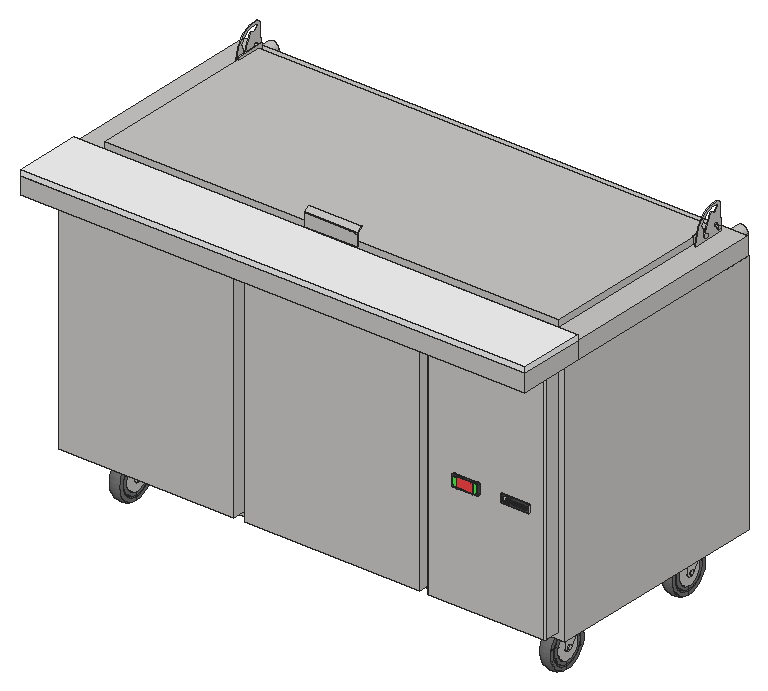
Revit family "QF_MACOM_RPTx-AITM", category Equipamento especial, Revit 2020 (continued)
Dimensions and locks
  aligned and locked: cut or joined group of Extrusion 5, Extrusion 6 to Extrusion 4
  aligned and locked: Revolve 8 sketch curve to Revolve 8 sketch curve
  aligned and locked: Revolve 9 sketch curve to Revolve 9 sketch curve
  aligned and locked: Revolve 9 to curve 647
  aligned and locked: Extrusion 11 sketch curve to Extrusion 7  (x2)
  aligned and locked: plane 21 to Extrusion 11 sketch curve
  aligned and locked: Extrusion 1 to Extrusion 11
  aligned and locked: Extrusion 11 to plane 3 "Centro (Esquerda/Direita)"
Automatic sketch dimensions
  Extrusion 2 sketch curve to Extrusion 2 sketch curve = 5 mm  (x2)
  curve 12 to Extrusion 2 = 28 mm
  curve 11 to curve 10 = 80 mm
  curve 10 to curve 8 = 15 mm
  curve 7 to curve 7 = 80 mm
  curve 6 to curve 4 = 15 mm
  Extrusion 2 to curve 2 = 30 mm
  Extrusion 2 to curve 1 = 47.9 mm
  Extrusion 2 to curve 10 = 47.9 mm
  curve 8 to curve 9 = 0 mm
  curve 5 to curve 7 = 5 mm
  curve 1 to curve 4 = 5 mm
  curve 9 to curve 10 = 5 mm
  curve 11 to curve 21 = 0 mm
  curve 10 to curve 23 = 0 mm
  curve 7 to curve 17 = 0 mm
  curve 6 to curve 17 = 0 mm
  curve 3 to curve 16 = 0 mm
  curve 2 to curve 14 = 0 mm
  curve 2 to curve 13 = 5 mm
  curve 11 to curve 24 = 5 mm
  curve 6 to curve 17 = 5 mm
  curve 17 to curve 19 = 5 mm
  curve 13 to curve 16 = 5 mm
  curve 21 to curve 22 = 5 mm
  curve 23 to curve 36 = 0 mm
  curve 22 to curve 33 = 0 mm
  curve 19 to curve 29 = 0 mm
  curve 18 to curve 30 = 0 mm
  curve 15 to curve 25 = 0 mm
  curve 14 to curve 27 = 0 mm
  curve 14 to curve 25 = 5 mm
  curve 22 to curve 34 = 5 mm
  curve 19 to curve 32 = 5 mm
  curve 29 to curve 31 = 5 mm
  curve 25 to curve 28 = 5 mm
  curve 33 to curve 34 = 5 mm
  curve 35 to curve 45 = 0 mm
  curve 34 to curve 47 = 0 mm
  curve 31 to curve 43 = 0 mm
  curve 30 to curve 42 = 0 mm
  curve 27 to curve 37 = 0 mm
  curve 26 to curve 39 = 0 mm
  curve 26 to curve 37 = 5 mm
  curve 35 to curve 48 = 5 mm
  curve 30 to curve 41 = 5 mm
  curve 41 to curve 43 = 5 mm
  curve 37 to curve 40 = 5 mm
  curve 45 to curve 46 = 5 mm
  curve 57 to Extrusion 2 = 28 mm
  curve 59 to curve 69 = 0 mm
  curve 71 to curve 81 = 0 mm  (x2)
  curve 83 to curve 93 = 0 mm  (x2)
  curve 95 to curve 95 = 80 mm
  curve 57 to curve 93 = 0 mm
  curve 70 to curve 68 = 15 mm
  curve 67 to curve 77 = 0 mm  (x2)
  curve 79 to curve 89 = 0 mm
  curve 56 to curve 65 = 0 mm
  curve 79 to curve 79 = 80 mm
  curve 53 to curve 77 = 0 mm
  curve 78 to curve 91 = 0 mm
  curve 66 to curve 64 = 15 mm
  curve 90 to curve 88 = 15 mm
  curve 52 to curve 61 = 0 mm
  curve 63 to curve 73 = 0 mm  (x2)
  Extrusion 2 to curve 75 = 30 mm
  curve 74 to curve 85 = 0 mm
  curve 51 to curve 61 = 0 mm
  curve 38 to curve 49 = 175 mm
  curve 47 to curve 60 = 175 mm
  curve 53 to curve 49 = 0 mm
  curve 53 to curve 55 = 5 mm
  curve 49 to curve 52 = 5 mm
  curve 57 to curve 58 = 5 mm
  curve 50 to curve 61 = 5 mm
  curve 59 to curve 72 = 5 mm
  curve 54 to curve 65 = 5 mm
  curve 65 to curve 67 = 5 mm
  curve 61 to curve 64 = 5 mm
  curve 69 to curve 70 = 5 mm
  curve 62 to curve 73 = 5 mm
  curve 71 to curve 84 = 5 mm
  curve 66 to curve 77 = 5 mm
  curve 77 to curve 79 = 5 mm
  curve 73 to curve 76 = 5 mm
  curve 81 to curve 82 = 5 mm
  curve 74 to curve 85 = 5 mm
  curve 83 to curve 96 = 5 mm
  curve 78 to curve 89 = 5 mm
  curve 89 to curve 91 = 5 mm
  curve 85 to curve 88 = 5 mm
  curve 93 to curve 94 = 5 mm
  curve 105 to Extrusion 2 = 28 mm
  curve 107 to curve 117 = 0 mm  (x2)
  curve 119 to curve 129 = 0 mm  (x2)
  curve 131 to curve 141 = 0 mm  (x2)
  curve 143 to curve 57 = 0 mm
  curve 140 to curve 53 = 0 mm
  curve 128 to curve 137 = 0 mm
  curve 116 to curve 125 = 0 mm
  curve 104 to curve 113 = 0 mm
  curve 139 to curve 53 = 0 mm
  curve 127 to curve 137 = 0 mm
  curve 115 to curve 125 = 0 mm
  curve 103 to curve 113 = 0 mm
  curve 101 to curve 97 = 15 mm
  curve 136 to curve 49 = 0 mm
  curve 99 to curve 109 = 0 mm  (x2)
  curve 124 to curve 133 = 0 mm
  curve 121 to curve 49 = 0 mm
  curve 111 to curve 121 = 0 mm
  curve 122 to curve 133 = 0 mm
  curve 97 to curve 49 = 40 mm
  curve 101 to curve 97 = 0 mm
  curve 105 to curve 101 = 0 mm
  curve 97 to curve 100 = 5 mm
  curve 101 to curve 103 = 5 mm
  curve 105 to curve 106 = 5 mm
  curve 107 to curve 117 = 5 mm
  curve 98 to curve 109 = 5 mm
  curve 103 to curve 116 = 5 mm
  curve 113 to curve 115 = 5 mm
  curve 109 to curve 110 = 5 mm
  curve 117 to curve 118 = 5 mm
  curve 115 to curve 128 = 5 mm
  curve 118 to curve 129 = 5 mm
  curve 111 to curve 121 = 5 mm
  curve 129 to curve 132 = 5 mm
  curve 121 to curve 122 = 5 mm
  curve 125 to curve 126 = 5 mm
  curve 122 to curve 133 = 5 mm
  curve 126 to curve 138 = 5 mm
  curve 130 to curve 142 = 5 mm
  curve 140 to curve 53 = 5 mm
  curve 142 to curve 57 = 5 mm
  curve 134 to curve 49 = 5 mm
  curve 153 to Extrusion 2 = 28 mm
  curve 155 to curve 165 = 0 mm  (x2)
  curve 167 to curve 177 = 0 mm  (x2)
  curve 179 to curve 189 = 0 mm  (x2)
  curve 191 to curve 105 = 0 mm
  curve 153 to curve 149 = 15 mm
  curve 151 to curve 161 = 0 mm  (x2)
  curve 163 to curve 173 = 0 mm
  curve 175 to curve 185 = 0 mm
  curve 162 to curve 101 = 0 mm
  curve 187 to curve 101 = 0 mm
  curve 162 to curve 173 = 0 mm
  curve 172 to curve 97 = 0 mm
  curve 171 to curve 181 = 0 mm
  curve 149 to curve 145 = 15 mm
  curve 147 to curve 157 = 0 mm  (x2)
  curve 159 to curve 97 = 0 mm
  curve 158 to curve 169 = 0 mm
  curve 170 to curve 181 = 0 mm
  curve 145 to curve 97 = 40 mm
  curve 154 to curve 105 = 40 mm
  curve 152 to curve 153 = 0 mm
  curve 149 to curve 151 = 5 mm
  curve 145 to curve 148 = 5 mm
  curve 153 to curve 154 = 5 mm
  curve 146 to curve 157 = 5 mm
  curve 154 to curve 166 = 5 mm
  curve 151 to curve 164 = 5 mm
  curve 161 to curve 163 = 5 mm
  curve 157 to curve 160 = 5 mm
  curve 165 to curve 166 = 5 mm
  curve 158 to curve 169 = 5 mm
  curve 166 to curve 178 = 5 mm
  curve 163 to curve 176 = 5 mm
  curve 173 to curve 175 = 5 mm
  curve 169 to curve 172 = 5 mm
  curve 177 to curve 178 = 5 mm
  curve 170 to curve 181 = 5 mm
  curve 178 to curve 190 = 5 mm
  curve 175 to curve 188 = 5 mm
  curve 187 to curve 101 = 5 mm
  curve 184 to curve 97 = 5 mm
  curve 190 to curve 105 = 5 mm
  curve 201 to Extrusion 2 = 28 mm
  curve 203 to curve 213 = 0 mm  (x2)
  curve 215 to curve 225 = 0 mm  (x2)
  curve 227 to curve 237 = 0 mm  (x2)
  curve 239 to curve 153 = 0 mm
  curve 201 to curve 197 = 15 mm
  curve 199 to curve 209 = 0 mm
  curve 211 to curve 221 = 0 mm
  curve 223 to curve 233 = 0 mm  (x2)
  curve 199 to curve 149 = 0 mm
  curve 235 to curve 149 = 0 mm
  curve 198 to curve 209 = 0 mm
  curve 221 to curve 220 = 15 mm
  curve 219 to curve 229 = 0 mm
  curve 208 to curve 217 = 0 mm
  curve 193 to curve 205 = 0 mm
  Extrusion 2 to curve 195 = 30 mm
  curve 194 to curve 205 = 0 mm
  curve 206 to curve 217 = 0 mm
  curve 218 to curve 229 = 0 mm
  curve 193 to curve 145 = 40 mm
  curve 202 to curve 153 = 40 mm
  curve 200 to curve 201 = 0 mm
  curve 197 to curve 199 = 5 mm
  curve 193 to curve 196 = 5 mm
  curve 201 to curve 202 = 5 mm
  curve 194 to curve 205 = 5 mm
  curve 202 to curve 214 = 5 mm
  curve 199 to curve 212 = 5 mm
  curve 209 to curve 211 = 5 mm
  curve 205 to curve 208 = 5 mm
  curve 213 to curve 214 = 5 mm
  curve 206 to curve 217 = 5 mm
  curve 214 to curve 226 = 5 mm
  curve 211 to curve 224 = 5 mm
  curve 221 to curve 223 = 5 mm
  curve 217 to curve 220 = 5 mm
  curve 225 to curve 226 = 5 mm
  curve 218 to curve 229 = 5 mm
  curve 226 to curve 238 = 5 mm
  curve 223 to curve 236 = 5 mm
  curve 235 to curve 149 = 5 mm
  curve 232 to curve 145 = 5 mm
  curve 238 to curve 153 = 5 mm
  curve 249 to curve 201 = 0 mm
  curve 251 to curve 261 = 0 mm  (x2)
  curve 263 to curve 201 = 0 mm
  curve 260 to curve 197 = 0 mm
  curve 248 to curve 257 = 0 mm
  curve 259 to curve 197 = 0 mm
  curve 247 to curve 257 = 0 mm
  curve 256 to curve 193 = 0 mm
  curve 244 to curve 253 = 0 mm
  curve 241 to curve 193 = 0 mm
  curve 242 to curve 253 = 0 mm
  curve 241 to curve 193 = 20 mm
  curve 245 to curve 241 = 0 mm
  curve 249 to curve 245 = 0 mm
  curve 249 to curve 252 = 5 mm
  curve 245 to curve 247 = 5 mm
  curve 241 to curve 242 = 5 mm
  curve 242 to curve 253 = 5 mm
  curve 250 to curve 262 = 5 mm
  curve 246 to curve 258 = 5 mm
  curve 260 to curve 197 = 5 mm
  curve 262 to curve 201 = 5 mm
  curve 254 to curve 193 = 5 mm
  curve 47 to curve 273 = 0 mm
  curve 275 to curve 285 = 0 mm  (x2)
  curve 287 to curve 249 = 0 mm
  curve 284 to curve 245 = 0 mm
  curve 272 to curve 281 = 0 mm
  curve 42 to curve 269 = 0 mm
  curve 270 to curve 281 = 0 mm
  curve 280 to curve 241 = 0 mm
  curve 268 to curve 277 = 0 mm
  curve 38 to curve 265 = 0 mm
  curve 266 to curve 277 = 0 mm
  curve 39 to curve 265 = 15 mm
  curve 269 to curve 265 = 0 mm
  curve 273 to curve 269 = 0 mm
  curve 273 to curve 276 = 5 mm
  curve 269 to curve 271 = 5 mm
  curve 265 to curve 266 = 5 mm
  curve 266 to curve 277 = 5 mm
  curve 274 to curve 286 = 5 mm
  curve 270 to curve 282 = 5 mm
  curve 284 to curve 245 = 5 mm
  curve 286 to curve 249 = 5 mm
  curve 278 to curve 241 = 5 mm
  curve 47 to curve 300 = 0 mm
  curve 46 to curve 297 = 0 mm
  curve 43 to curve 293 = 0 mm
  curve 295 to curve 269 = 0 mm
  curve 39 to curve 289 = 0 mm
  curve 38 to curve 289 = 0 mm
  curve 47 to curve 300 = 5 mm
  curve 39 to curve 289 = 5 mm
  curve 42 to curve 293 = 5 mm
  curve 294 to curve 269 = 5 mm
  curve 292 to curve 265 = 5 mm
  curve 298 to curve 273 = 5 mm
  curve 309 to Extrusion 2 = 28 mm
  curve 311 to curve 311 = 80 mm
  curve 309 to curve 305 = 15 mm
  curve 307 to curve 307 = 80 mm
  curve 305 to curve 301 = 15 mm
  Extrusion 2 to curve 301 = 30 mm
  Extrusion 2 to curve 301 = 59 mm
  Extrusion 2 to curve 310 = 59 mm
  curve 308 to curve 309 = 0 mm
  curve 305 to curve 307 = 5 mm
  curve 301 to curve 304 = 5 mm
  curve 309 to curve 310 = 5 mm
  curve 324 to curve 309 = 0 mm
  curve 321 to curve 309 = 0 mm
  curve 317 to curve 305 = 0 mm
  curve 319 to curve 305 = 0 mm
  curve 313 to curve 301 = 0 mm  (x2)
  curve 313 to curve 301 = 10 mm
  curve 324 to curve 309 = 10 mm
  curve 317 to curve 305 = 10 mm
  curve 319 to curve 305 = 5 mm
  curve 322 to curve 309 = 5 mm
  curve 316 to curve 301 = 5 mm
  curve 333 to curve 321 = 0 mm
  curve 335 to curve 321 = 0 mm
  curve 329 to curve 317 = 0 mm
  curve 331 to curve 317 = 0 mm
  curve 325 to curve 313 = 0 mm  (x2)
  curve 325 to curve 313 = 10 mm
  curve 336 to curve 321 = 10 mm
  curve 329 to curve 317 = 10 mm
  curve 331 to curve 317 = 5 mm
  curve 334 to curve 321 = 5 mm
  curve 328 to curve 313 = 5 mm
  curve 348 to curve 333 = 0 mm
  curve 345 to curve 333 = 0 mm
  curve 341 to curve 329 = 0 mm
  curve 343 to curve 329 = 0 mm
  curve 337 to curve 325 = 0 mm  (x2)
  curve 348 to curve 333 = 10 mm
  curve 337 to curve 325 = 10 mm
  curve 341 to curve 329 = 10 mm
  curve 342 to curve 329 = 5 mm
  curve 340 to curve 325 = 5 mm
  curve 346 to curve 333 = 5 mm
  curve 357 to curve 345 = 0 mm
  curve 359 to curve 345 = 0 mm
  curve 356 to curve 341 = 0 mm
  curve 353 to curve 341 = 0 mm
  curve 352 to curve 337 = 0 mm
  curve 349 to curve 337 = 0 mm
  curve 360 to curve 345 = 10 mm
  curve 349 to curve 337 = 10 mm
  curve 353 to curve 341 = 10 mm
  curve 354 to curve 341 = 5 mm
  curve 352 to curve 337 = 5 mm
  curve 358 to curve 345 = 5 mm
  curve 372 to curve 357 = 0 mm
  curve 369 to curve 357 = 0 mm
  curve 365 to curve 353 = 0 mm
  curve 367 to curve 353 = 0 mm
  curve 361 to curve 349 = 0 mm  (x2)
  curve 372 to curve 357 = 10 mm
  curve 361 to curve 349 = 10 mm
  curve 365 to curve 353 = 10 mm
  curve 366 to curve 353 = 5 mm
  curve 364 to curve 349 = 5 mm
  curve 370 to curve 357 = 5 mm
  curve 381 to curve 369 = 0 mm
  curve 383 to curve 369 = 0 mm
  curve 377 to curve 365 = 0 mm
  curve 379 to curve 365 = 0 mm
  curve 373 to curve 361 = 0 mm  (x2)
  curve 384 to curve 369 = 10 mm
  curve 373 to curve 361 = 10 mm
  curve 377 to curve 365 = 10 mm
  curve 379 to curve 365 = 5 mm
  curve 376 to curve 361 = 5 mm
  curve 382 to curve 369 = 5 mm
  curve 396 to curve 381 = 0 mm
  curve 393 to curve 381 = 0 mm
  curve 389 to curve 377 = 0 mm
  curve 391 to curve 377 = 0 mm
  curve 385 to curve 373 = 0 mm  (x2)
  curve 396 to curve 381 = 10 mm
  curve 385 to curve 373 = 10 mm
  curve 389 to curve 377 = 10 mm
  curve 390 to curve 377 = 5 mm
  curve 388 to curve 373 = 5 mm
  curve 394 to curve 381 = 5 mm
  curve 405 to curve 393 = 0 mm
  curve 407 to curve 393 = 0 mm
  curve 404 to curve 389 = 0 mm
  curve 403 to curve 389 = 0 mm
  curve 400 to curve 385 = 0 mm
  curve 397 to curve 385 = 0 mm
  curve 408 to curve 393 = 10 mm
  curve 397 to curve 385 = 10 mm
  curve 401 to curve 389 = 10 mm
  curve 402 to curve 389 = 5 mm
  curve 400 to curve 385 = 5 mm
  curve 406 to curve 393 = 5 mm
  curve 420 to curve 405 = 0 mm
  curve 417 to curve 405 = 0 mm
  curve 413 to curve 401 = 0 mm
  curve 415 to curve 401 = 0 mm
  curve 409 to curve 397 = 0 mm  (x2)
  curve 420 to curve 405 = 10 mm
  curve 409 to curve 397 = 10 mm
  curve 413 to curve 401 = 10 mm
  curve 414 to curve 401 = 5 mm
  curve 412 to curve 397 = 5 mm
  curve 418 to curve 405 = 5 mm
  curve 429 to curve 417 = 0 mm
  curve 431 to curve 417 = 0 mm
  curve 428 to curve 413 = 0 mm
  curve 427 to curve 413 = 0 mm
  curve 421 to curve 409 = 0 mm  (x2)
  curve 432 to curve 417 = 10 mm
  curve 421 to curve 409 = 10 mm
  curve 425 to curve 413 = 10 mm
  curve 426 to curve 413 = 5 mm
  curve 424 to curve 409 = 5 mm
  curve 430 to curve 417 = 5 mm
  curve 444 to curve 429 = 0 mm
  curve 441 to curve 429 = 0 mm
  curve 437 to curve 425 = 0 mm
  curve 439 to curve 425 = 0 mm
  curve 433 to curve 421 = 0 mm  (x2)
  curve 444 to curve 429 = 10 mm
  curve 433 to curve 421 = 10 mm
  curve 437 to curve 425 = 10 mm
  curve 438 to curve 425 = 5 mm
  curve 436 to curve 421 = 5 mm
  curve 442 to curve 429 = 5 mm
  curve 453 to curve 441 = 0 mm
  curve 455 to curve 441 = 0 mm
  curve 449 to curve 437 = 0 mm
  curve 451 to curve 437 = 0 mm
  curve 445 to curve 433 = 0 mm  (x2)
  curve 456 to curve 441 = 10 mm
  curve 445 to curve 433 = 10 mm
  curve 449 to curve 437 = 10 mm
  curve 451 to curve 437 = 5 mm
  curve 456 to curve 441 = 5 mm
  curve 448 to curve 433 = 5 mm
  curve 468 to curve 453 = 0 mm
  curve 465 to curve 453 = 0 mm
  curve 461 to curve 449 = 0 mm
  curve 463 to curve 449 = 0 mm
  curve 457 to curve 445 = 0 mm  (x2)
  curve 468 to curve 453 = 10 mm
  curve 457 to curve 445 = 10 mm
  curve 461 to curve 449 = 10 mm
  curve 462 to curve 449 = 5 mm
  curve 460 to curve 445 = 5 mm
  curve 466 to curve 453 = 5 mm
  curve 477 to curve 465 = 0 mm
  curve 479 to curve 465 = 0 mm
  curve 473 to curve 461 = 0 mm
  curve 475 to curve 461 = 0 mm
  curve 469 to curve 457 = 0 mm  (x2)
  curve 474 to curve 461 = 10 mm
  curve 480 to curve 465 = 10 mm
  curve 469 to curve 457 = 10 mm
  curve 475 to curve 461 = 5 mm
  curve 472 to curve 457 = 5 mm
  curve 478 to curve 465 = 5 mm
  curve 492 to curve 477 = 0 mm
  curve 489 to curve 477 = 0 mm
  curve 485 to curve 473 = 0 mm
  curve 487 to curve 473 = 0 mm
  curve 481 to curve 469 = 0 mm  (x2)
  curve 492 to curve 477 = 10 mm
  curve 481 to curve 469 = 10 mm
  curve 485 to curve 473 = 10 mm
  curve 486 to curve 473 = 5 mm
  curve 484 to curve 469 = 5 mm
  curve 490 to curve 477 = 5 mm
  curve 501 to curve 489 = 0 mm
  curve 503 to curve 489 = 0 mm
  curve 500 to curve 485 = 0 mm
  curve 497 to curve 485 = 0 mm
  curve 496 to curve 481 = 0 mm
  curve 493 to curve 481 = 0 mm
  curve 504 to curve 489 = 10 mm
  curve 493 to curve 481 = 10 mm
  curve 497 to curve 485 = 10 mm
  curve 499 to curve 485 = 5 mm
  curve 504 to curve 489 = 5 mm
  curve 496 to curve 481 = 5 mm
  curve 516 to curve 501 = 0 mm
  curve 513 to curve 501 = 0 mm
  curve 509 to curve 497 = 0 mm
  curve 511 to curve 497 = 0 mm
  curve 505 to curve 493 = 0 mm  (x2)
  curve 516 to curve 501 = 10 mm
  curve 505 to curve 493 = 10 mm
  curve 509 to curve 497 = 10 mm
  curve 510 to curve 497 = 5 mm
  curve 508 to curve 493 = 5 mm
  curve 514 to curve 501 = 5 mm
  curve 525 to curve 513 = 0 mm
  curve 527 to curve 513 = 0 mm
  curve 521 to curve 509 = 0 mm
  curve 523 to curve 509 = 0 mm
  curve 517 to curve 505 = 0 mm  (x2)
  curve 528 to curve 513 = 10 mm
  curve 517 to curve 505 = 10 mm
  curve 521 to curve 509 = 10 mm
  curve 522 to curve 509 = 5 mm
  curve 520 to curve 505 = 5 mm
  curve 526 to curve 513 = 5 mm
  curve 540 to curve 525 = 0 mm
  curve 537 to curve 525 = 0 mm
  curve 533 to curve 521 = 0 mm
  curve 535 to curve 521 = 0 mm
  curve 529 to curve 517 = 0 mm  (x2)
  curve 540 to curve 525 = 10 mm
  curve 529 to curve 517 = 10 mm
  curve 533 to curve 521 = 10 mm
  curve 535 to curve 521 = 5 mm
  curve 532 to curve 517 = 5 mm
  curve 538 to curve 525 = 5 mm
  curve 549 to curve 537 = 0 mm
  curve 551 to curve 537 = 0 mm
  curve 548 to curve 533 = 0 mm
  curve 547 to curve 533 = 0 mm
  curve 544 to curve 529 = 0 mm
  curve 541 to curve 529 = 0 mm
  curve 552 to curve 537 = 10 mm
  curve 541 to curve 529 = 10 mm
  curve 545 to curve 533 = 10 mm
  curve 546 to curve 533 = 5 mm
  curve 544 to curve 529 = 5 mm
  curve 550 to curve 537 = 5 mm
  Extrusion 2 sketch curve to Extrusion 2 sketch curve = 40 mm
  plane 17 to Extrusion 2 sketch curve = 0 mm
  plane 24 to Extrusion 4 sketch curve = 24 mm  (x3)
  Extrusion 4 sketch curve to Extrusion 4 sketch curve = 0 mm
  Extrusion 3 sketch curve to Extrusion 1 = 0 mm
  Extrusion 1 to Extrusion 3 sketch curve = 0 mm
  Extrusion 3 sketch curve to Extrusion 1 = 46 mm
  plane 27 to Extrusion 6 sketch curve = 0 mm
  plane 19 to Extrusion 6 sketch curve = 19.563 mm
  Extrusion 6 sketch curve to plane 30 = 233.584 mm
  Extrusion 4 sketch curve to Extrusion 4 sketch curve = 476.696 mm
  Extrusion 1 to Extrusion 7 sketch curve = 0 mm
  plane 1 "Centro (Frontal/Traseira)" to Revolve 8 sketch curve = 0 mm  (x2)
  plane 20 to Revolve 8 sketch curve = 0 mm  (x2)
  Revolve 8 sketch curve to Revolve 8 sketch curve = 8 mm
  plane 14 to Revolve 8 sketch curve = 2.363 mm
  Revolve 8 sketch curve to plane 20 = 1.5 mm
  plane 20 to Revolve 9 sketch curve = 0 mm  (x2)
  plane 1 "Centro (Frontal/Traseira)" to Revolve 9 sketch curve = 0 mm  (x2)
  Revolve 9 sketch curve to Revolve 9 sketch curve = 8 mm
  Revolve 9 sketch curve to plane 20 = 1.5 mm
  Revolve 9 sketch curve to Revolve 9 sketch curve = 9.037 mm
  plane 1 "Centro (Frontal/Traseira)" to curve 638 = 0 mm
  plane 20 to curve 643 = 0 mm
  plane 1 "Centro (Frontal/Traseira)" to curve 648 = 0 mm
  curve 636 to plane 12 = 0 mm
  plane 13 to curve 636 = 0 mm
  plane 27 to curve 633 = 0 mm
  plane 14 to curve 638 = 2.363 mm
  curve 622 to curve 612 = 4.884 mm
  curve 621 to curve 614 = 7.884 mm
  curve 642 to plane 20 = 1.5 mm
  curve 642 to curve 611 = 6.383 mm
  curve 611 to curve 611 = 3 mm
  curve 612 to curve 626 = 3 mm
  curve 638 to curve 639 = 34.074 mm
  curve 557 to curve 557 = 3 mm
  curve 558 to curve 571 = 3 mm
  curve 590 to curve 579 = 3 mm
  curve 580 to curve 591 = 3 mm
  curve 645 to curve 598 = 5.637 mm
  curve 609 to curve 598 = 3 mm
  curve 597 to curve 608 = 3 mm
  curve 648 to plane 12 = 32.963 mm
  curve 587 to plane 7 = 15.695 mm
  curve 623 to plane 7 = 15.733 mm
  curve 623 to curve 623 = 9.925 mm
  curve 587 to curve 586 = 10.001 mm
  curve 602 to curve 602 = 9.963 mm
  curve 569 to curve 568 = 10 mm
  curve 629 to curve 575 = 14.776 mm
  curve 594 to curve 606 = 4.563 mm
  curve 635 to curve 563 = 4.563 mm
  plane 19 to curve 585 = 14.967 mm
  plane 19 to curve 620 = 14.937 mm
  plane 19 to curve 619 = 7.033 mm
  plane 19 to curve 561 = 7.004 mm
  plane 19 to curve 604 = 7.004 mm
  plane 19 to curve 584 = 7.004 mm
  curve 637 to curve 643 = 9.037 mm
  curve 620 to curve 625 = 4.884 mm
  curve 625 to curve 627 = 3 mm
  curve 619 to curve 615 = 0 mm
  curve 627 to curve 621 = 4.117 mm
  curve 627 to curve 622 = 4.117 mm
  curve 626 to curve 624 = 4.117 mm
  curve 568 to curve 572 = 4.1 mm
  curve 572 to curve 574 = 3 mm
  curve 584 to curve 592 = 4.884 mm
  curve 592 to curve 589 = 3 mm
  curve 606 to curve 607 = 4.1 mm
  curve 607 to curve 610 = 3 mm
  curve 644 to curve 646 = 9.037 mm
  curve 647 to curve 649 = 9.037 mm
  curve 626 to curve 612 = 0.401 mm
  Extrusion 1 to Extrusion 7 sketch curve = 50 mm
  Extrusion 7 to Extrusion 11 sketch curve = 15 mm
  radius of Extrusion 10 sketch curve = 9.525 mm
Nested families
  nested 1: "RODIZIORPT" at (104, -139, 37.145), type "RODIZIO"
  nested 2: "RODIZIORPT" at (104, -574, 37.145), type "RODIZIO"
  nested 3: "RODIZIORPT" at (1333, -139, 37.145), type "RODIZIO"
  nested 4: "RODIZIORPT" at (1333, -574, 37.145), type "RODIZIO"
  nested 5: "LOGOTIPO MACOM" at (1334.5, -739.001, 482.038), visible <- "Show Logo", type "LOGOTIPO MACON", detail levels medium+fine
  nested 6: "CONTROLADOR_CAB" at (1194.5, -739.001, 495), type "CONTROLADOR_CAB", detail levels medium+fine
  nested 7: "Porta Refrigerador Prep Table" at (30.6, -694, 175.1), Show Clearances <- "Show Clearances", type "Porta Refrigerador Prep Table"
    with Weight 0.00 kg, Show Logo yes, Show Clearances Right no, Show Clearances Left yes, Show Clearances yes, SMACNA No "", Right no, Revision Code "", Point Load 0, NAFEM Spec ID Number "", Masterspec "", Length Actual 0 mm, Left yes, Item Number "", Identify Quantity as Lot yes, Height Actual 0 mm, Foodservice Equipment Identifier yes, Depth Actual 0 mm, CSI MasterFormat "", CE Approved yes, Accessory yes
  nested 8: "Porta Refrigerador Prep Table" at (559.6, -694, 175.1), Show Clearances <- "Show Clearances", visible <- "Door 3", type "Porta Refrigerador Prep Table"
    with Weight 0.00 kg, Show Logo yes, Show Clearances Right no, Show Clearances Left yes, Show Clearances yes, SMACNA No "", Right no, Revision Code "", Point Load 0, NAFEM Spec ID Number "", Masterspec "", Length Actual 0 mm, Left yes, Item Number "", Identify Quantity as Lot yes, Height Actual 0 mm, Foodservice Equipment Identifier yes, Depth Actual 0 mm, CSI MasterFormat "", CE Approved yes, Accessory yes
  nested 9: "Porta Refrigerador Prep Table" at (561.5, -694, 175.1), Show Clearances <- "Show Clearances", visible <- "Door 2", type "Porta Refrigerador Prep Table"
    with Weight 0.00 kg, Show Logo yes, Show Clearances Right yes, Show Clearances Left no, Show Clearances yes, SMACNA No "", Right yes, Revision Code "", Point Load 0, NAFEM Spec ID Number "", Masterspec "", Length Actual 0 mm, Left no, Item Number "", Identify Quantity as Lot yes, Height Actual 0 mm, Foodservice Equipment Identifier yes, Depth Actual 0 mm, CSI MasterFormat "", CE Approved yes, Accessory yes
  nested 10: "Dobradica Refrigerador Dir" at (1014.5, -64.787, 1), visible <- "Door 3", type "Dobradica Refrigerador Dir"
    with Weight 0.00 kg, Show Logo yes, Show Clearances yes, SMACNA No "", Revision Code "", Point Load 0, NAFEM Spec ID Number "", Masterspec "", Length Actual 0 mm, Item Number "", Identify Quantity as Lot yes, Height Actual 0 mm, Foodservice Equipment Identifier yes, Depth Actual 0 mm, CSI MasterFormat "", CE Approved yes, Accessory yes
  nested 11: "Dobradica Refrigerador Dir" at (1370.5, -64.787, 1), type "Dobradica Refrigerador Dir"
    with Weight 0.00 kg, Show Logo yes, Show Clearances yes, SMACNA No "", Revision Code "", Point Load 0, NAFEM Spec ID Number "", Masterspec "", Length Actual 0 mm, Item Number "", Identify Quantity as Lot yes, Height Actual 0 mm, Foodservice Equipment Identifier yes, Depth Actual 0 mm, CSI MasterFormat "", CE Approved yes, Accessory yes
  nested 12: "Dobradica Refrigerador Esq" at (599, -64.787, 1), visible <- "Door 3", type "Dobradica Refrigerador Esq"
    with Weight 0.00 kg, Show Logo yes, Show Clearances yes, SMACNA No "", Revision Code "", Point Load 0, NAFEM Spec ID Number "", Masterspec "", Length Actual 0 mm, Item Number "", Identify Quantity as Lot yes, Height Actual 0 mm, Foodservice Equipment Identifier yes, Depth Actual 0 mm, CSI MasterFormat "", CE Approved yes, Accessory yes
  nested 13: "Dobradica Refrigerador Esq" at (71, -64.787, 1), type "Dobradica Refrigerador Esq"
    with Weight 0.00 kg, Show Logo yes, Show Clearances yes, SMACNA No "", Revision Code "", Point Load 0, NAFEM Spec ID Number "", Masterspec "", Length Actual 0 mm, Item Number "", Identify Quantity as Lot yes, Height Actual 0 mm, Foodservice Equipment Identifier yes, Depth Actual 0 mm, CSI MasterFormat "", CE Approved yes, Accessory yes
  nested 14: "Pegador Refrigerador" at (982, -628.25, 912), visible <- "Door 3", type "Pegador Refrigerador"
    with Weight 0.00 kg, Show Logo yes, Show Clearances yes, SMACNA No "", Revision Code "", Point Load 0, NAFEM Spec ID Number "", Masterspec "", Length Actual 0 mm, Item Number "", Identify Quantity as Lot yes, Height Actual 0 mm, Foodservice Equipment Identifier yes, Depth Actual 0 mm, CSI MasterFormat "", CE Approved yes, Accessory yes
  nested 15: "Pegador Refrigerador" at (540, -628.25, 912), visible <- "Door 3", type "Pegador Refrigerador"
    with Weight 0.00 kg, Show Logo yes, Show Clearances yes, SMACNA No "", Revision Code "", Point Load 0, NAFEM Spec ID Number "", Masterspec "", Length Actual 0 mm, Item Number "", Identify Quantity as Lot yes, Height Actual 0 mm, Foodservice Equipment Identifier yes, Depth Actual 0 mm, CSI MasterFormat "", CE Approved yes, Accessory yes
  nested 16: "Pegador Refrigerador" at (719.5, -628.25, 912), visible <- "Handle Center", type "Pegador Refrigerador"
    with Weight 0.00 kg, Show Logo yes, Show Clearances yes, SMACNA No "", Revision Code "", Point Load 0, NAFEM Spec ID Number "", Masterspec "", Length Actual 0 mm, Item Number "", Identify Quantity as Lot yes, Height Actual 0 mm, Foodservice Equipment Identifier yes, Depth Actual 0 mm, CSI MasterFormat "", CE Approved yes, Accessory yes
Connectors
  electrical at (1111, -32.6, 460), driven by "Volts"
    settings: on Extrusion 10, index 1, voltage 220 V, apparent load 0 VA, apparent load phase1 0 VA, apparent load phase2 0 VA, apparent load phase3 0 VA, power factor 1, load classification "Outro", number of poles 1, system type 30, power factor state 1, is connector primary yes, connector utility no, sub classification motor no, connector description ""
Definition of nested family "RODIZIORPT"
  Parameters (values of type "RODIZIO")
    Default Elevation = 0 mm
  Types (2): name
    RODIZIO
    PÉ DE APOIO 150
  Reference planes
    plane 1 "Center (Front/Back)": y = 0
    plane 2: z = 0
    plane 3: x = 19.5
    plane 4: x = 1
    plane 5: x = 21
    plane 6: z = -37.145
    plane 7: z = 119.855
    plane 8: z = 59.855
    plane 9: z = 87.855
  Forms (mm)
    Revolve 1, solid
      sketch origin (0, 0, 0) x (1, 0, 0) y (0, 0, 1)
        loop
          line (16.5, 25.355) -> (16.5, 70.289) -> (15.5, 70.289) -> (15.5, 75.289) -> (16.5, 75.289) -> (16.5, 84.092)
          arc (16.5, 84.092) -> (0.897, 87.855) -> (-14.5, 83.325) r 31.054
          line (-14.5, 83.325) -> (-14.5, 75.289) -> (-13.5, 75.289) -> (-13.5, 70.289) -> (-14.5, 70.289) -> (-14.5, 25.355) -> (16.5, 25.355)
        axis (-14.5, 25.355) -> (16.5, 25.355)
      angle from 0 to 360
    Extrusion 2, solid
      sketch origin (0, 0, 25.355) x (0, 1, 0) y (0, 0, 1)
        loop
          circle (0, 0) r 10
      from 16.5 to 19.5
    Extrusion 3, solid
      sketch origin (2, 0, 25.355) x (0, 1, 0) y (0, 0, -1)
        loop
          circle (0, 0) r 10
      from 16.5 to 19.5
    Extrusion 4, solid
      sketch origin (0, 0, 51.455) x (0, 1, 0) y (0, 0, 1)
        loop
          arc (-10, -29.178) -> (-1.862, -36.717) -> (8.419, -32.55) r 10.341
          line (8.419, -32.55) -> (65, 46.773) -> (-10, 46.773) -> (-10, -29.178)
      from 19.5 to 21
    Extrusion 5, solid
      sketch origin (2, 0, 51.455) x (0, 1, 0) y (0, 0, -1)
        loop
          line (-10, 29.178) -> (-10, -46.773) -> (65, -46.773) -> (8.419, 32.55)
          arc (8.419, 32.55) -> (-1.862, 36.717) -> (-10, 29.178) r 10.341
      from 19.5 to 21
    Extrusion 6, solid
      sketch origin (0, -28, 50) x (1, 0, 0) y (0, 1, 0)
        loop
          circle (1, 46.186) r 75
      from 59.855 to 69.855
    Extrusion 7, solid
      sketch origin (0.148, 0, 25.355) x (0, 1, 0) y (0, 0, 1)
        loop
          line (-3, -5.196) -> (3, -5.196) -> (6, 0) -> (3, 5.196) -> (-3, 5.196) -> (-6, 0) -> (-3, -5.196)
      from 20.852 to 25.852
    Extrusion 8, solid
      sketch origin (1.852, 0, 25.355) x (0, 1, 0) y (0, 0, -1)
        loop
          line (-3, 5.196) -> (-6, 0) -> (-3, -5.196) -> (3, -5.196) -> (6, 0) -> (3, 5.196) -> (-3, 5.196)
      from 20.852 to 25.852
    Extrusion 9, solid
      sketch origin (0, 0, 50) x (1, 0, 0) y (0, 1, 0)
        loop
          circle (1, 18.186) r 55
      from 48.227 to 59.855
    Extrusion 10, solid
      sketch origin (0, 0, 25.355) x (0, 1, 0) y (0, 0, 1)
        loop
          circle (0, 0) r 35
      from 16.5 to 17.626
    Extrusion 11, solid
      sketch origin (2, 0, 25.355) x (0, 1, 0) y (0, 0, -1)
        loop
          circle (0, 0) r 35
      from 16.5 to 17.626
  Cuts and joins
    joined: Extrusion 2, Extrusion 3, Extrusion 4, Extrusion 5, Extrusion 6, Extrusion 7, Extrusion 8, Extrusion 9, Extrusion 10, Extrusion 11
  Dimensions and locks
    plane 7 to plane 6 = 157 mm
    Revolve 1 sketch curve to plane 6 = 62.5 mm
    plane 9 to plane 6 = 125 mm
    aligned and locked: level to plane 2
    aligned and locked: Revolve 1 sketch curve to Revolve 1 sketch curve
    aligned and locked: plane 7 to Extrusion 6
Definition of nested family "LOGOTIPO MACOM"
  Parameters (values of type "LOGOTIPO MACOM")
    Default Elevation = 0 mm
  Reference planes
    plane 1 "Centro (Frente/Trás)": y = 0
    plane 2: z = 0
    plane 3 "Centro (Esquerda/Direita)": x = 0
    plane 4: z = 9.186
    plane 5: z = 16.297
    plane 6: z = 12.742
    plane 7: x = -24.005
  Forms (mm)
    Extrusion 1, solid
      sketch origin (0, 4.488, 0.011) x (1, 0, 0) y (0, 0.000061, 1)
        loop
          arc (-37.5, 25.9) -> (-39.268, 25.168) -> (-40, 23.4) r 2.5
          line (-40, 23.4) -> (-40, 2.5)
          arc (-40, 2.5) -> (-39.268, 0.732) -> (-37.5, 0) r 2.5
          line (-37.5, 0) -> (37.5, 0)
          arc (37.5, 0) -> (39.268, 0.732) -> (40, 2.5) r 2.5
          line (40, 2.5) -> (40, 23.4)
          arc (40, 23.4) -> (39.268, 25.168) -> (37.5, 25.9) r 2.5
          line (37.5, 25.9) -> (-37.5, 25.9)
      from 5.474 to 4.489
    Extrusion 2, solid
      sketch origin (0, 4.488, 0.011) x (1, 0, 0) y (0, 0.000061, 1)
        loop
          arc (-39, 3.5) -> (-38.268, 1.732) -> (-36.5, 1) r 2.5
          line (-36.5, 1) -> (36.5, 1)
          arc (36.5, 1) -> (38.268, 1.732) -> (39, 3.5) r 2.5
          line (39, 3.5) -> (39, 22.668)
          arc (39, 22.668) -> (38.268, 24.436) -> (36.5, 25.168) r 2.5
          line (36.5, 25.168) -> (-36.5, 25.168)
          arc (-36.5, 25.168) -> (-38.268, 24.436) -> (-39, 22.668) r 2.5
          line (-39, 22.668) -> (-39, 3.5)
      from 5.474 to 6.289
    Extrusion 3, solid
      sketch origin (24.652, 4.488, 0.011) x (-1, 0, 0) y (0, -0.000061, -1)
        loop
          line (32.653, -17.092) -> (32.653, -8.35) -> (30.809, -8.35) -> (30.809, -14.038)
          arc (30.809, -14.038) -> (30.194, -14.653) -> (29.579, -14.038) r 0.615
          line (29.579, -14.038) -> (29.579, -8.35) -> (27.735, -8.35) -> (27.735, -14.038)
          arc (27.735, -14.038) -> (27.12, -14.653) -> (26.506, -14.038) r 0.615
          line (26.506, -14.038) -> (26.506, -8.35) -> (24.661, -8.35) -> (24.661, -15.193)
          arc (24.661, -15.193) -> (25.218, -16.536) -> (26.561, -17.092) r 1.899
          line (26.561, -17.092) -> (32.653, -17.092)
        loop
          line (23.432, -8.347) -> (21.476, -8.347) -> (21.476, -10.838) -> (19.632, -10.838) -> (19.632, -8.347) -> (17.9, -8.347) -> (17.9, -15.248)
          arc (17.9, -15.248) -> (18.44, -16.552) -> (19.744, -17.092) r 1.844
          line (19.744, -17.092) -> (23.432, -17.092) -> (23.432, -8.347)
        loop
          line (19.744, -12.773) -> (19.744, -14.314)
          arc (19.744, -14.314) -> (19.926, -14.753) -> (20.365, -14.935) r 0.621
          line (20.365, -14.935) -> (21.588, -14.935) -> (21.588, -12.773) -> (19.744, -12.773)
        loop
          line (-1.629, -17.092) -> (-1.629, -8.35) -> (-3.474, -8.35) -> (-3.474, -14.038)
          arc (-3.474, -14.038) -> (-4.088, -14.653) -> (-4.703, -14.038) r 0.615
          line (-4.703, -14.038) -> (-4.703, -8.35) -> (-6.547, -8.35) -> (-6.547, -14.038)
          arc (-6.547, -14.038) -> (-7.162, -14.653) -> (-7.777, -14.038) r 0.615
          line (-7.777, -14.038) -> (-7.777, -8.35) -> (-9.621, -8.35) -> (-9.621, -15.193)
          arc (-9.621, -15.193) -> (-9.064, -16.536) -> (-7.721, -17.092) r 1.899
          line (-7.721, -17.092) -> (-1.629, -17.092)
        loop
          line (9.587, -17.092) -> (12.299, -17.092)
          arc (12.299, -17.092) -> (16.67, -12.721) -> (12.299, -8.35) r 4.371
          line (12.299, -8.35) -> (9.754, -8.35) -> (9.754, -10.194) -> (12.276, -10.194)
          arc (12.276, -10.194) -> (14.804, -12.721) -> (12.276, -15.248) r 2.527
          line (12.276, -15.248) -> (9.587, -15.248) -> (9.587, -17.092)
        loop
          line (56.832, -8.05) -> (55.056, -18.123)
          spline (55.056, -18.123) -> (56.262, -17.518) -> (57.317, -16.815) -> (58.199, -16.029) -> (58.892, -15.175) -> (59.381, -14.269) -> (59.658, -13.331) -> (59.715, -12.378) -> (59.552, -11.43) -> (59.173, -10.505) -> (58.585, -9.622) -> (57.799, -8.798) -> (56.832, -8.05)
        loop
          spline (53.362, -6.487) -> (53.217, -6.446) -> (53.071, -6.406) -> (52.923, -6.368) -> (52.775, -6.331) -> (52.626, -6.295) -> (52.476, -6.26) -> (52.326, -6.227) -> (52.174, -6.195) -> (52.022, -6.165) -> (51.869, -6.136) -> (51.715, -6.108) -> (51.561, -6.082)
          line (51.561, -6.082) -> (49.643, -16.962)
          arc (49.643, -16.962) -> (50.579, -17.898) -> (51.515, -16.962) r 0.936
          line (51.515, -16.962) -> (53.362, -6.487)
        loop
          spline (48.156, -5.852) -> (48, -5.857) -> (47.843, -5.863) -> (47.687, -5.871) -> (47.531, -5.88) -> (47.375, -5.89) -> (47.22, -5.902) -> (47.065, -5.915) -> (46.91, -5.929) -> (46.755, -5.945) -> (46.601, -5.962) -> (46.447, -5.981) -> (46.294, -6.001)
          line (46.294, -6.001) -> (44.358, -16.978)
          arc (44.358, -16.978) -> (45.276, -17.896) -> (46.195, -16.978) r 0.918
          line (46.195, -16.978) -> (48.156, -5.852)
        loop
          spline (42.364, -7.044) -> (41.131, -7.649) -> (40.051, -8.356) -> (39.147, -9.149) -> (38.437, -10.014) -> (37.937, -10.931) -> (37.655, -11.882) -> (37.599, -12.848) -> (37.768, -13.809) -> (38.16, -14.746) -> (38.767, -15.639) -> (39.575, -16.47) -> (40.57, -17.222)
          line (40.57, -17.222) -> (42.364, -7.044)
        loop
          spline (61.565, -12.773) -> (61.125, -10.691) -> (59.836, -8.75) -> (57.784, -7.084) -> (55.111, -5.806) -> (51.997, -5.002) -> (48.656, -4.728) -> (45.315, -5.002) -> (42.202, -5.806) -> (39.528, -7.084) -> (37.477, -8.75) -> (36.187, -10.691) -> (35.747, -12.773)
          spline (35.747, -12.773) -> (36.187, -14.855) -> (37.477, -16.795) -> (39.528, -18.461) -> (42.202, -19.74) -> (45.315, -20.544) -> (48.656, -20.818) -> (51.997, -20.544) -> (55.111, -19.74) -> (57.784, -18.461) -> (59.836, -16.795) -> (61.125, -14.855) -> (61.565, -12.773)
        loop
          circle (3.963, -12.726) r 4.377
        loop
          circle (3.963, -12.726) r 2.582
      from 6.289 to 6.977
  Dimensions and locks
    equal spacing: plane 5, plane 6, plane 4
    aligned and locked: level to plane 2
Definition of nested family "CONTROLADOR_CAB"
  Parameters (values of type "CONTROLADOR_CAB")
    Default Elevation = 0 mm
  Reference planes
    plane 1 "Center (Front/Back)": y = 0
    plane 2: z = 0
    plane 3 "Center (Left/Right)": x = 0
  Forms (mm)
    Extrusion 1, solid
      sketch origin (0, 0, 0) x (1, 0, 0) y (0, 0, 1)
        loop
          line (37.5, -12.5) -> (37.5, 12.5)
          arc (37.5, 12.5) -> (36.328, 15.328) -> (33.5, 16.5) r 4
          line (33.5, 16.5) -> (-33.5, 16.5)
          arc (-33.5, 16.5) -> (-36.328, 15.328) -> (-37.5, 12.5) r 4
          line (-37.5, 12.5) -> (-37.5, -12.5)
          arc (-37.5, -12.5) -> (-36.328, -15.328) -> (-33.5, -16.5) r 4
          line (-33.5, -16.5) -> (33.5, -16.5)
          arc (33.5, -16.5) -> (36.328, -15.328) -> (37.5, -12.5) r 4
      from 0 to 5
    Extrusion 2, solid
      sketch origin (0, 0, 0) x (1, 0, 0) y (0, 0, 1)
        loop
          line (24, -13.5) -> (24, 13.5)
          arc (24, 13.5) -> (23.121, 15.621) -> (21, 16.5) r 3
          line (21, 16.5) -> (-21, 16.5)
          arc (-21, 16.5) -> (-23.121, 15.621) -> (-24, 13.5) r 3
          line (-24, 13.5) -> (-24, -13.5)
          arc (-24, -13.5) -> (-23.121, -15.621) -> (-21, -16.5) r 3
          line (-21, -16.5) -> (21, -16.5)
          arc (21, -16.5) -> (23.121, -15.621) -> (24, -13.5) r 3
      from 5 to 5.937
    Extrusion 3, solid
      sketch origin (0, 0, 0) x (1, 0, 0) y (0, 0, 1)
        loop
          line (-23, 13) -> (-23, -13) -> (23, -13) -> (23, 13) -> (-23, 13)
      from 5.937 to 6.875
    Extrusion 4, solid
      sketch origin (0, 0, 0) x (1, 0, 0) y (0, 0, 1)
        loop
          line (24, -13) -> (31, -13)
          arc (31, -13) -> (34.646, 0) -> (31, 13) r 25
          line (31, 13) -> (24, 13) -> (24, -13)
        loop
          line (-24, -13) -> (-24, 13) -> (-31, 13)
          arc (-31, 13) -> (-34.646, 0) -> (-31, -13) r 25
          line (-31, -13) -> (-24, -13)
      from 5 to 5.937
  Cuts and joins
    joined: Extrusion 1, Extrusion 2
  Dimensions and locks
    aligned and locked: level to plane 2
Definition of nested family "Porta Refrigerador Prep Table"
  Parameters (values of type "Porta Refrigerador Prep Table")
    Weight [instance] = 0.00 kg
    Show Clearances Right [instance] = and(Right, Show Clearances)  # no
    Show Clearances Left [instance] = and(Left, Show Clearances)  # yes
    Right [instance] = not(Left)  # no
    Left [instance] = yes
    Default Elevation = 0 mm
    Type Comments = ""
    Show Logo [instance] = yes
    Show Clearances [instance] = yes
    SMACNA No [instance] = ""
    Revision Code [instance] = ""
    Point Load [instance] = 0
    NAFEM Spec ID Number [instance] = ""
    Masterspec [instance] = ""
    Length Actual [instance] = 0 mm
    Item Number [instance] = ""
    Identify Quantity as Lot [instance] = yes
    Height Actual [instance] = 0 mm
    Foodservice Equipment Identifier [instance] = yes
    Depth Actual [instance] = 0 mm
    CSI MasterFormat [instance] = ""
    CE Approved [instance] = yes
    Accessory [instance] = yes
  Reference planes
    plane 1 "Centro (Frontal/Traseira)": y = 0
    plane 2: z = 0
    plane 3 "Centro (Esquerda/Direita)": x = 0
  Forms (mm)
    Extrusion 1, solid
      sketch origin (-1089.5, 0, 1828.366) x (0, 0, -1) y (1, 0, 0)
        loop
          line (1156.466, 1089.5) -> (1828.366, 1089.5) -> (1828.366, 1589.5) -> (1156.466, 1589.5) -> (1156.466, 1089.5)
      from 0 to 45
    Extrusion 2, solid, visible <- "Left", detail levels coarse
      sketch origin (0, 0, 0) x (1, 0, 0) y (0, 1, 0)
        loop
          line (500, 0) -> (0, 0) -> (0, -500)
          arc (0, -500) -> (353.553, -353.553) -> (500, 0) r 500
      from 0 to 671.9
    Extrusion 3, solid, visible <- "Right", detail levels coarse
      sketch origin (500, 0, 0) x (0, 1, 0) y (-1, 0, 0)
        loop
          arc (0, 500) -> (-353.553, 353.553) -> (-500, 0) r 500
          line (-500, 0) -> (0, 0) -> (0, 500)
      from 0 to 671.9
  Dimensions and locks
    locked: Extrusion 1 sketch curve to Extrusion 1 sketch curve at 500
    aligned and locked: level to plane 2
    aligned and locked: Extrusion 2 to Extrusion 1
Definition of nested family "Dobradica Refrigerador Dir"
  Parameters (values of type "Dobradica Refrigerador Dir")
    Weight [instance] = 0.00 kg
    Default Elevation = 0 mm
    Type Comments = ""
    Show Logo [instance] = yes
    Show Clearances [instance] = yes
    SMACNA No [instance] = ""
    Revision Code [instance] = ""
    Point Load [instance] = 0
    NAFEM Spec ID Number [instance] = ""
    Masterspec [instance] = ""
    Length Actual [instance] = 0 mm
    Item Number [instance] = ""
    Identify Quantity as Lot [instance] = yes
    Height Actual [instance] = 0 mm
    Foodservice Equipment Identifier [instance] = yes
    Depth Actual [instance] = 0 mm
    CSI MasterFormat [instance] = ""
    CE Approved [instance] = yes
    Accessory [instance] = yes
  Reference planes
    plane 1 "Centro (Frontal/Traseira)": y = 0
    plane 2: z = 0
    plane 3 "Centro (Esquerda/Direita)": x = 0
    plane 4: z = 989
  Forms (mm)
    Extrusion 1, solid
      sketch origin (-55.4, -2517.764, -689.903) x (0, -0.992546, 0.121869) y (0, 0.121869, 0.992546)
        loop
          line (-2309.135, 1892.422) -> (-2219.807, 1881.454) -> (-2227.404, 1924.536)
          arc (-2227.404, 1924.536) -> (-2243.197, 1954.874) -> (-2273.534, 1970.667) r 56.87
          line (-2273.534, 1970.667) -> (-2285.027, 1972.078)
          arc (-2285.027, 1972.078) -> (-2292.17, 1970.209) -> (-2296.084, 1963.947) r 10
          line (-2296.084, 1963.947) -> (-2309.135, 1892.422)
        loop
          arc (-2234.481, 1930.609) -> (-2255.704, 1957.516) -> (-2288.943, 1965.862) r 53.115
          arc (-2288.943, 1965.862) -> (-2290.836, 1962.388) -> (-2290.245, 1958.476) r 6.205
          arc (-2290.245, 1958.476) -> (-2285.618, 1952.51) -> (-2282.521, 1945.624) r 31.92
          arc (-2282.521, 1945.624) -> (-2279.189, 1944.723) -> (-2276.365, 1946.708) r 4.067
          arc (-2276.365, 1946.708) -> (-2271.729, 1949.395) -> (-2267.094, 1946.708) r 5.341
          arc (-2267.094, 1946.708) -> (-2258.005, 1924.531) -> (-2254.967, 1900.758) r 91.792
          arc (-2254.967, 1900.758) -> (-2249.344, 1895.128) -> (-2243.717, 1900.753) r 5.625
          arc (-2243.717, 1900.753) -> (-2241.625, 1913.253) -> (-2235.578, 1924.391) r 38.394
          arc (-2235.578, 1924.391) -> (-2234.254, 1927.363) -> (-2234.481, 1930.609) r 6.724
        loop
          arc (-2279.85, 1914.909) -> (-2283.53, 1918.35) -> (-2287.94, 1920.787) r 20.439
          arc (-2287.94, 1920.787) -> (-2290.338, 1921.057) -> (-2292.535, 1920.059) r 4.537
          line (-2292.535, 1920.059) -> (-2300.024, 1908.527)
          arc (-2300.024, 1908.527) -> (-2298.737, 1902.475) -> (-2292.685, 1903.762) r 4.375
          line (-2292.685, 1903.762) -> (-2288.169, 1908.278)
          arc (-2288.169, 1908.278) -> (-2286.882, 1908.508) -> (-2285.59, 1908.305) r 3.96
          arc (-2285.59, 1908.305) -> (-2280.518, 1909.693) -> (-2279.85, 1914.909) r 4.739
      from -62.5 to -59.5
    Extrusion 2, solid
      sketch origin (0, -68.543, -160.77) x (0, -0.992546, 0.121869) y (0, 0.121869, 0.992546)
        loop
          line (64.928, 1091.221) -> (62.49, 1071.37) -> (144.337, 1061.321) -> (146.774, 1081.172) -> (64.928, 1091.221)
      from 0 to 2.5
    Extrusion 3, solid
      sketch origin (12.002, -68.543, -160.77) x (0, -0.992546, 0.121869) y (0, 0.121869, 0.992546)
        loop
          circle (70.098, 1082.471) r 3.982
        loop
          circle (117.111, 1077.079) r 5
      from 0 to 12.002
  Dimensions and locks
    Extrusion 2 to Extrusion 1 = 9.6 mm
    Extrusion 1 sketch curve to plane 4 = 82 mm
    aligned and locked: level to plane 2
Definition of nested family "Dobradica Refrigerador Esq"
  Parameters (values of type "Dobradica Refrigerador Esq")
    Weight [instance] = 0.00 kg
    Default Elevation = 0 mm
    Type Comments = ""
    Show Logo [instance] = yes
    Show Clearances [instance] = yes
    SMACNA No [instance] = ""
    Revision Code [instance] = ""
    Point Load [instance] = 0
    NAFEM Spec ID Number [instance] = ""
    Masterspec [instance] = ""
    Length Actual [instance] = 0 mm
    Item Number [instance] = ""
    Identify Quantity as Lot [instance] = yes
    Height Actual [instance] = 0 mm
    Foodservice Equipment Identifier [instance] = yes
    Depth Actual [instance] = 0 mm
    CSI MasterFormat [instance] = ""
    CE Approved [instance] = yes
    Accessory [instance] = yes
  Reference planes
    plane 1 "Centro (Frontal/Traseira)": y = 0
    plane 2: z = 0
    plane 3 "Centro (Esquerda/Direita)": x = 0
    plane 4: z = 989
  Forms (mm)
    Extrusion 1, solid
      sketch origin (-69.117, -2517.764, -689.903) x (0, -0.992546, 0.121869) y (0, 0.121869, 0.992546)
        loop
          line (-2309.135, 1892.422) -> (-2219.807, 1881.454) -> (-2227.215, 1923.466)
          arc (-2227.215, 1923.466) -> (-2243.417, 1954.588) -> (-2274.539, 1970.79) r 58.342
          line (-2274.539, 1970.79) -> (-2285.027, 1972.078)
          arc (-2285.027, 1972.078) -> (-2292.17, 1970.209) -> (-2296.084, 1963.947) r 10
          line (-2296.084, 1963.947) -> (-2309.135, 1892.422)
        loop
          arc (-2234.481, 1930.609) -> (-2255.704, 1957.516) -> (-2288.943, 1965.862) r 53.115
          arc (-2288.943, 1965.862) -> (-2290.836, 1962.388) -> (-2290.245, 1958.476) r 6.205
          arc (-2290.245, 1958.476) -> (-2285.618, 1952.51) -> (-2282.521, 1945.624) r 31.92
          arc (-2282.521, 1945.624) -> (-2279.189, 1944.723) -> (-2276.365, 1946.708) r 4.067
          arc (-2276.365, 1946.708) -> (-2271.729, 1949.395) -> (-2267.094, 1946.708) r 5.341
          arc (-2267.094, 1946.708) -> (-2258.005, 1924.531) -> (-2254.967, 1900.758) r 91.792
          arc (-2254.967, 1900.758) -> (-2249.344, 1895.128) -> (-2243.717, 1900.753) r 5.625
          arc (-2243.717, 1900.753) -> (-2241.625, 1913.253) -> (-2235.578, 1924.391) r 38.394
          arc (-2235.578, 1924.391) -> (-2234.254, 1927.363) -> (-2234.481, 1930.609) r 6.724
        loop
          arc (-2279.85, 1914.909) -> (-2283.53, 1918.35) -> (-2287.94, 1920.787) r 20.439
          arc (-2287.94, 1920.787) -> (-2290.338, 1921.057) -> (-2292.535, 1920.059) r 4.537
          line (-2292.535, 1920.059) -> (-2300.024, 1908.527)
          arc (-2300.024, 1908.527) -> (-2298.737, 1902.475) -> (-2292.685, 1903.762) r 4.375
          line (-2292.685, 1903.762) -> (-2288.169, 1908.278)
          arc (-2288.169, 1908.278) -> (-2286.882, 1908.508) -> (-2285.59, 1908.305) r 3.96
          arc (-2285.59, 1908.305) -> (-2280.518, 1909.693) -> (-2279.85, 1914.909) r 4.739
      from -62.5 to -59.5
    Extrusion 2, solid
      sketch origin (0, -68.543, -160.77) x (0, -0.992546, 0.121869) y (0, 0.121869, 0.992546)
        loop
          line (64.928, 1091.221) -> (62.49, 1071.37) -> (144.337, 1061.321) -> (146.774, 1081.172) -> (64.928, 1091.221)
      from 0 to 2.5
    Extrusion 3, solid
      sketch origin (-2.5, -68.543, -160.77) x (0, -0.992546, 0.121869) y (0, 0.121869, 0.992546)
        loop
          circle (70.098, 1082.471) r 3.982
        loop
          circle (117.111, 1077.079) r 5
      from 0 to 12.002
  Dimensions and locks
    aligned and locked: level to plane 2
Definition of nested family "Pegador Refrigerador"
  Parameters (values of type "Pegador Refrigerador")
    Weight [instance] = 0.00 kg
    Default Elevation = 0 mm
    Type Comments = ""
    Show Logo [instance] = yes
    Show Clearances [instance] = yes
    SMACNA No [instance] = ""
    Revision Code [instance] = ""
    Point Load [instance] = 0
    NAFEM Spec ID Number [instance] = ""
    Masterspec [instance] = ""
    Length Actual [instance] = 0 mm
    Item Number [instance] = ""
    Identify Quantity as Lot [instance] = yes
    Height Actual [instance] = 0 mm
    Foodservice Equipment Identifier [instance] = yes
    Depth Actual [instance] = 0 mm
    CSI MasterFormat [instance] = ""
    CE Approved [instance] = yes
    Accessory [instance] = yes
  Reference planes
    plane 1 "Centro (Frontal/Traseira)": y = 0
    plane 2: z = 0
    plane 3 "Centro (Esquerda/Direita)": x = 0
  Forms (mm)
    Extrusion 1, solid
      sketch origin (-792.046, 344.923, -1067.77) x (0, -0.992546, 0.121869) y (0, 0.121869, 0.992546)
        loop
          line (471.239, 1017.928) -> (472.48, 1017.775) -> (476.613, 1051.435)
          arc (476.613, 1051.435) -> (476.507, 1052.442) -> (475.971, 1053.3) r 2.25
          line (475.971, 1053.3) -> (469.457, 1059.814) -> (468.573, 1058.93) -> (475.087, 1052.416)
          arc (475.087, 1052.416) -> (475.325, 1052.035) -> (475.372, 1051.587) r 1
          line (475.372, 1051.587) -> (471.239, 1017.928)
      from -717.046 to -867.046
    Extrusion 2, solid
      sketch origin (-719.5, 18.772, 49.676) x (0, 0.788011, 0.615661) y (-1, 0, 0)
        loop
          line (-13.512, -644.5) -> (-13.512, -794.5) -> (-6.312, -794.5)
          arc (-6.312, -794.5) -> (-4.544, -793.768) -> (-3.812, -792) r 2.5
          line (-3.812, -792) -> (-3.812, -647)
          arc (-3.812, -647) -> (-4.544, -645.232) -> (-6.312, -644.5) r 2.5
          line (-6.312, -644.5) -> (-13.512, -644.5)
      from 0 to -1.25
  Cuts and joins
    joined: Extrusion 1, Extrusion 2
  Dimensions and locks
    aligned and locked: level to plane 2
Types (4, lengths in mm): name | Watts | Volume | Separate Door Location | Number of Doors | Door 1 | Defrost Power | Center Handle | Modelo | Handle Center | GN's Capacity (1/6-150) | Door Separator | Door 3 | Door 2 | Descrição | Operational Current | Length Actual
  (no name) | 807 W | 1.12 m³ | 719.5 | 2 | 529 | 624 W | 719.5 | "RPT2-AITM" | yes | "21" | 10 | no | yes | "REFRIG HORIZ PREP TABLE MACOM, MEGA P/ 21 GNS 1/6-150, 2 PORTAS INOX, 16 TRILHOS, ALTILENO-1435X800X900" | 3.4 A | 1439
  RPT3-AITM | 1178 W | 1.54 m³ | 1012 | 3 | 529 | 686 W | 985 | "RPT3-AITM" | no | "27" | 800 | yes | yes | "REFRIG. HORIZ PREP TABLE MACOM, MEGA P/ 27 GNS 1/6-150, 3 PORTAS INOX, 24 TRILHOS, ALTILENO-1967X800X900" | 3.58 A | 1970
  RPT2-AITM | 807 W | 1.12 m³ | 719.5 | 2 | 529 | 624 W | 719.5 | "RPT2-AITM" | yes | "21" | 10 | no | yes | "REFRIG HORIZ PREP TABLE MACOM, MEGA P/ 21 GNS 1/6-150, 2 PORTAS INOX, 16 TRILHOS, ALTILENO-1435X800X900" | 3.4 A | 1439
  RPT1-AITM | 592 W | 0.70 m³ | 454 | 1 | 0 | 321 W | 454 | "RPT1-AITM" | yes | "12" | 10 | no | no | "REFRIG HORIZ PREP TABLE MACOM, MEGA TOP- 908X838X922" | 3.25 A | 908
